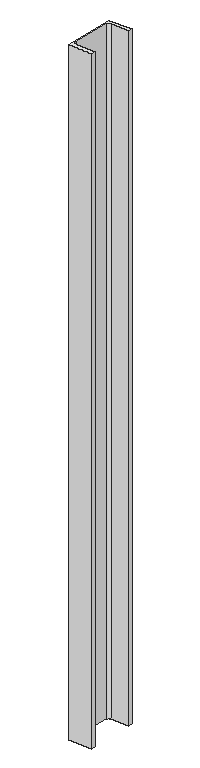
Revit family
Parameters (values of type "200x90x30PFC")
  Zx = 252
  Ix = 2523
  Cy = 31.2 mm
  Column Material [instance] = Metal - Steel - 345 MPa
  Assembly Code = ""
  A = 4000.00 mm²
  M = 30
  b = 90 mm
  h = 200 mm
  r = 12 mm
  t = 14 mm
  s = 7 mm
Reference planes
  plane 1 "Center (Front/Back)": y = 0
  plane 2: z = 0
  plane 3 "Center (Left/Right)": x = 0
  plane 4 "Right": x = 58.8
  plane 5 "Back": y = 100
  plane 6 "Front": y = -100
  plane 7 "Left": x = -31.2
Forms (mm)
  Sweep 1, solid, material "Metal - Steel - 345 MPa" <- "Column Material", detail levels fine
    path origin (0, 0, 0) x (1, 0, 0) y (0, 0, 1)
      loop
        line (0, 2500) -> (0, 0)
    profile "M_Parallel Channel-Profile-Fine : M_Parallel Channel-Profile-Fine" origin (0, 0, 1250) x (1, 0, 0) y (0, -1, 0)
      loop
        line (-31.2, -100) -> (58.8, -100) -> (58.8, -86) -> (-12.2, -86)
        arc (-12.2, -86) -> (-20.685, -82.485) -> (-24.2, -74) r 12
        line (-24.2, -74) -> (-24.2, 74)
        arc (-24.2, 74) -> (-20.685, 82.485) -> (-12.2, 86) r 12
        line (-12.2, 86) -> (58.8, 86) -> (58.8, 100) -> (-31.2, 100) -> (-31.2, -100)
  Sweep 2, solid, material "Metal - Steel - 345 MPa" <- "Column Material", detail levels medium
    path origin (0, 0, 0) x (1, 0, 0) y (0, 0, 1)
      loop
        line (0, 2500) -> (0, 0)
    profile "M_Parallel Channel-Profile-Medium : M_Parallel Channel-Profile-Medium" origin (0, 0, 1250) x (1, 0, 0) y (0, -1, 0)
      loop
        line (-31.2, -100) -> (58.8, -100) -> (58.8, -86) -> (-24.2, -86) -> (-24.2, 86) -> (58.8, 86) -> (58.8, 100) -> (-31.2, 100) -> (-31.2, -100)
Lines and regions (mm)
  symbolic lines, style "Hidden Faces", detail levels medium+fine
    curve 1: line (-24.2, 0, 2500) -> (-24.2, 0, 0)
  symbolic lines, style "StructuralColumnStickSymbols", detail levels coarse
    curve 2: line (-31.2, 100, 0) -> (-31.2, -100, 0)
    curve 3: line (-31.2, 100, 0) -> (58.8, 100, 0)
    curve 4: line (-31.2, -100, 0) -> (58.8, -100, 0)
Dimensions and locks
  equal spacing: plane 6 "Front", plane 1 "Center (Front/Back)", plane 5 "Back"
  "h": plane 6 "Front" to plane 5 "Back"
  "Cy": plane 7 "Left" to plane 3 "Center (Left/Right)"
  "b": plane 7 "Left" to plane 4 "Right"
  aligned and locked: level to plane 2
  aligned and locked: Sweep 2 sketch curve to plane 3 "Center (Left/Right)"
  aligned and locked: level to Sweep 2 sketch curve  (x2)
  aligned and locked: Sweep 1 sketch curve to plane 3 "Center (Left/Right)"
  aligned and locked: level to Sweep 1 sketch curve  (x2)
  aligned and locked: plane 4 "Right" to curve 3
  aligned and locked: plane 4 "Right" to curve 4
  aligned and locked: plane 5 "Back" to curve 3
  aligned and locked: plane 6 "Front" to curve 4
  aligned and locked: curve 2 to plane 7 "Left"
  aligned and locked: curve 1 to Sweep 2
  aligned and locked: level to curve 1  (x2)
